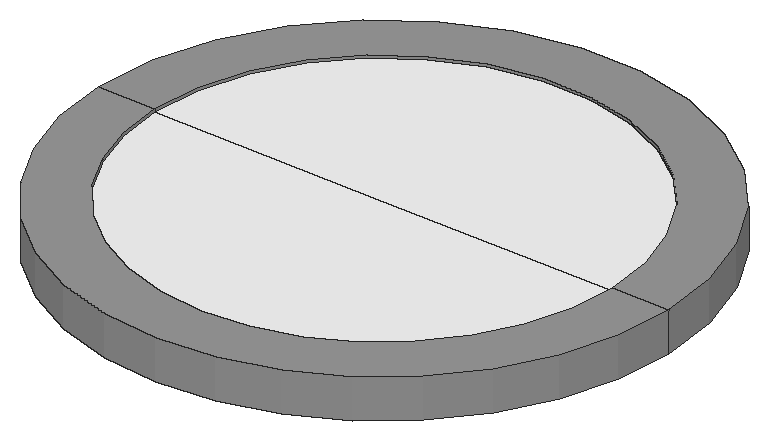
Revit family "0053414", category Lighting Fixtures, host Face, Revit 2017
Family settings
  Host = Face
  Round Connector Dimension = Use Diameter
  Part Type = Normal
  OmniClass Number = 23.80.70.00
  OmniClass Title = Lighting
  Cut with Voids When Loaded = No
  Light Source = Yes
  Shared = No
  Room Calculation Point = No
Parameters (values of type "0053414 SYLFLAT 5IN1 55-175 1850LM CCT LILO - 6500K")
  Weight = "6.426 kg"
  Wattage Comments = ""
  Wattage = 18 W
  WarrantyStartDate [instance] = "n/a"
  WarrantyGuarantorParts = "n/a"
  WarrantyDurationUnit = "n/a"
  WarrantyDurationParts = "n/a"
  WarrantyDescription = "n/a"
  built-in parameter 1150110 = 1 (stored number, unit not read)
  Voltage = 230 V
  URL = "http://www.sylvania-lighting.com"
  TypeName = "SYLFLAT 5IN1 55-175 1850LM CCT LILO - 6500K"
  Type Image = <None>
  Type Comments = "n/a"
  built-in parameter 1114217 = 1 (stored number, unit not read)
  Tilt Angle = -90.00°
  built-in parameter 1150109 = 1 (stored number, unit not read)
  built-in parameter 1150134 = 1
  built-in parameter 1150113 = 1 (stored number, unit not read)
  SerialNumber [instance] = "n/a"
  S_SYL = no
  RingVisible_SYL [instance] = no
  Radius_SYL = if(S_SYL, 82.1 mm, if(M_SYL, 108.4 mm, 145.8 mm))  # 108.4 mm
  RadiusRing_SYL = if(S_SYL, 83.1 mm, if(M_SYL, 109.4 mm, 146.8 mm))  # 109.4 mm
  RadiusRingIn_SYL = if(S_SYL, 59.5 mm, if(M_SYL, 85.8 mm, 123.2 mm))  # 85.8 mm
  Photometric Web File = "0053414-WW.ies"
  Material_3_SYL = Chrome - Polished
  PowerFactor = 0
  PowerConsumption = "18 W"
  NominalLength = 217 mm
  NominalHeight = 35 mm
  NominalDepth = 217 mm
  Name = "SYLFLAT 5IN1 55-175 1850LM CCT LILO - 6500K"
  ModelReference = Name  # "SYLFLAT 5IN1 55-175 1850LM CCT LILO - 6500K"
  ModelNumber = "0053414"
  Model = Name  # "SYLFLAT 5IN1 55-175 1850LM CCT LILO - 6500K"
  Material = "pc polycarbonate housing"
  ManufacturerName = "Feilo Sylvania"
  Manufacturer = "Feilo Sylvania"
  M_SYL = yes
  LuminousEfficacy = "103 lm/W"
  LuminousAreaRad_SYL = if(S_SYL, 60.8 mm, if(M_SYL, 87 mm, 124.4 mm))  # 87 mm
  built-in parameter 1150105 = 147.54 (stored number, unit not read)
  Lumens = 1854 lm
  LuminaireType = ""
  built-in parameter 1150115 = 1 (stored number, unit not read)
  LightOutputRatio = "n/a"
  built-in parameter 1150137 = (empty or 0)
  built-in parameter 1150139 = (empty or 0)
  LampsType = Lamp  # "LED"
  LampNominalLuminous = "1850 lm"
  LampMacAdamStep = "n/a"
  LampColourTemperature = "6500 K"
  LampColourRenderingIndex = "80"
  built-in parameter 1150112 = 1 (stored number, unit not read)
  built-in parameter 1150114 = 1 (stored number, unit not read)
  Lamp = "LED"
  Keynote = "16500"
  InstallationDate [instance] = "n/a"
  InputVoltage = "220-240 V AC"
  InputNominalFrequency = "50/60 Hz"
  built-in parameter 1150132 = (empty or 0)
  built-in parameter 1150102 = (empty or 0)
  built-in parameter 1150107 = 6500 (stored number, unit not read)
  built-in parameter 1150138 = (empty or 0)
  IngressProtection = "IP20"
  ImpactProtectionIndex = "IK03"
  built-in parameter 1150106 = 1.4754 (stored number, unit not read)
  IfcExportType = "IfcLightFixtureType"
  IfcExportAs = "IfcLightFixtureType"
  Emit from Circle Diameter = LuminousAreaRad_SYL * 2  # 174 mm
  Emit Shape Visible in Rendering = no
  ElectricShockClassification = "Class II"
  built-in parameter 1150104 = 9.569 (stored number, unit not read)
  DocumentationLiterature = "http://www.sylvania-lighting.com/product/en-int/products/0053414"
  DimmingControlOptions = "n/a"
  Material_2_SYL = LED
  Dimming Lamp Color Temperature Shift = <None>
  Description = ""
  Default Elevation = 1219.2 mm
  CreatedOn = "8/26/2019"
  CreatedBy = "@sylvania-lighting.com"
  Cost = 0
  Color Filter = 16777215
  built-in parameter 1114216 [instance] = (empty or 0)
  ClassificationValue = "EF_70_80"
  ClassificationName = "Uniclass2015"
  Material_1_SYL = PC/ABS Plastic
  BarCode [instance] = "n/a"
  built-in parameter 1114218 = 1 (stored number, unit not read)
  built-in parameter 1150133 = 10 (stored number, unit not read)
  AssetType = "Fixed"
  AssetIdentifier [instance] = "n/a"
  Assembly Code = "D5020200"
  Apparent Load = 18 VA
  Material_4_SYL = Plastic, Opaque Black
Types (3, lengths in mm): name | TypeName | built-in parameter 1150134 | Photometric Web File | Name | ModelReference | Model | LampColourTemperature | built-in parameter 1150107
  0053414 SYLFLAT 5IN1 55-175 1850LM CCT LILO - 6500K | "SYLFLAT 5IN1 55-175 1850LM CCT LILO - 6500K" | 1 | "0053414-WW.ies" | "SYLFLAT 5IN1 55-175 1850LM CCT LILO - 6500K" | "SYLFLAT 5IN1 55-175 1850LM CCT LILO - 6500K" | "SYLFLAT 5IN1 55-175 1850LM CCT LILO - 6500K" | "6500 K" | 6500 (stored number, unit not read)
  0053414 SYLFLAT 5IN1 55-175 1850LM CCT LILO - 4000K | "SYLFLAT 5IN1 55-175 1850LM CCT LILO - 4000K" | 12 | "0053414-NW.ies" | "SYLFLAT 5IN1 55-175 1850LM CCT LILO - 4000K" | "SYLFLAT 5IN1 55-175 1850LM CCT LILO - 4000K" | "SYLFLAT 5IN1 55-175 1850LM CCT LILO - 4000K" | "4000 K" | 4000 (stored number, unit not read)
  0053414 SYLFLAT 5IN1 55-175 1850LM CCT LILO - 3000K | "SYLFLAT 5IN1 55-175 1850LM CCT LILO - 3000K" | (empty or 0) | "0053414-CW.ies" | "SYLFLAT 5IN1 55-175 1850LM CCT LILO - 3000K" | "SYLFLAT 5IN1 55-175 1850LM CCT LILO - 3000K" | "SYLFLAT 5IN1 55-175 1850LM CCT LILO - 3000K" | "3000 K" | 3000 (stored number, unit not read)
Reference planes
  plane 1 "Center (Front/Back)": y = 0
  plane 2: z = 0
  plane 3 "Center (Left/Right)": x = 0
  plane 4: x = -108.4
  plane 5: z = 15
  plane 6: x = -87
  plane 7: z = 14
  plane 8: x = -109.4
  plane 9: z = 16
  plane 10: x = -85.8
Forms (mm)
  Revolve 1, solid, material "PC/ABS Plastic" <- "Material_1_SYL"
    sketch origin (0, 0, 0) x (1, 0, 0) y (0, 0, 1)
      loop
        line (0, 14) -> (-87, 14) -> (-87, 15) -> (-108.4, 15) -> (-108.4, 0) -> (0, 0) -> (0, 14)
      axis (0, 15) -> (0, 0)
    angle from 360 to 0
  Revolve 2, solid, material "Chrome - Polished" <- "Material_3_SYL", visible <- "RingVisible_SYL"
    sketch origin (0, 0, 0) x (1, 0, 0) y (0, 0, 1)
      loop
        line (-109.4, 0) -> (-108.4, 0) -> (-108.4, 15) -> (-85.8, 15) -> (-85.8, 16) -> (-109.4, 16) -> (-109.4, 0)
      axis (0, 16) -> (0, 0)
    angle from 360 to 0
Dimensions and locks
  locked: plane 5 to level at 15
  "Radius_SYL": plane 3 "Center (Left/Right)" to plane 4
  "LuminousAreaRad_SYL": plane 3 "Center (Left/Right)" to plane 6
  locked: plane 5 to plane 7 at 1
  locked: plane 9 to level at 16
  "RadiusRing_SYL": plane 3 "Center (Left/Right)" to plane 8
  "RadiusRingIn_SYL": plane 3 "Center (Left/Right)" to plane 10
  aligned and locked: plane 2 to host face
  aligned and locked: level to host face
  aligned and locked: Revolve 1 sketch curve to plane 3 "Center (Left/Right)"
  aligned and locked: plane 3 "Center (Left/Right)" to Revolve 1 sketch curve
  aligned and locked: Revolve 1 sketch curve to plane 7
  aligned and locked: Revolve 1 sketch curve to plane 6
  aligned and locked: Revolve 1 sketch curve to plane 5
  aligned and locked: Revolve 1 sketch curve to plane 4
  aligned and locked: Revolve 1 sketch curve to level
  aligned and locked: imposter light to Revolve 1 sketch curve
  aligned and locked: imposter light to plane 7
  aligned and locked: plane 3 "Center (Left/Right)" to imposter light
  aligned and locked: imposter light to plane 1 "Center (Front/Back)"
  aligned and locked: Revolve 2 sketch curve to plane 3 "Center (Left/Right)"
  aligned and locked: level to Revolve 2 sketch curve
  aligned and locked: plane 8 to Revolve 2 sketch curve
  aligned and locked: plane 9 to Revolve 2 sketch curve
  aligned and locked: Revolve 2 sketch curve to plane 10
  aligned and locked: Revolve 2 sketch curve to plane 5
  aligned and locked: Revolve 2 sketch curve to Revolve 1
  aligned and locked: Revolve 1 to Revolve 2 sketch curve
Automatic sketch dimensions
  host sketch curve to host sketch curve = 400 mm  (x2)
  Revolve 1 sketch curve to level = 609.6 mm
  Revolve 1 sketch curve to plane 5 = 2594.058 mm
  Revolve 2 sketch curve to level = 609.6 mm
  Revolve 2 sketch curve to plane 9 = 2593.058 mm
Connectors
  electrical at (0, 0, 0), driven by "Apparent Load", driven by "PowerFactor", driven by "Voltage"
    settings: index 1, voltage 230 V, apparent load 18 VA, apparent load phase1 0 VA, apparent load phase2 0 VA, apparent load phase3 0 VA, power factor 0, load classification "Lighting", number of poles 1, system type 30, power factor state 1, is connector primary yes, connector utility no, sub classification motor no, connector description ""
